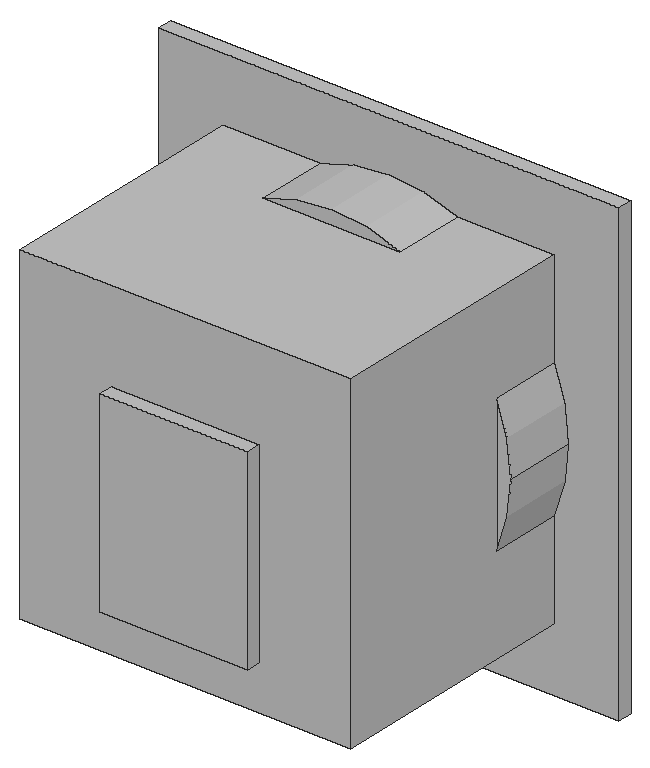
Revit family "ewf_ewg_ewh_ewj-20_105a_b_y_sa2_ta(40a)2(-50)_50Hz", category 機械設備, Revit 2019
Family settings
  丸型コネクタ寸法 = 直径を使用
  パーツ タイプ = 標準
  OmniClass 番号 = 23.75.35.21.17
  OmniClass タイトル = Industrial Ventilating Equipment
  作業面ベース = いいえ
  常に垂直 = はい
  ロード時にボイドで切り取り = はい
  共有 = いいえ
  部屋計算ポイント = はい
Parameters (values of type "EWF-20YSA2")
  騒音レベル(dB(A)) [instance] = 27
  風量 [instance] = 設計風量  # 0.0 m³/h
  電源種別 [instance] = ""
  電圧 = 100 V
  電動機出力 = 15 W
  電動機_種別 [instance] = ""
  銘板表示 = not(モーター表示)  # yes
  銘板_Width = 102.6 mm
  銘板_Height = 136 mm
  銘板_H = 52 mm
  運転質量 = 0.00 kg
  連動 [instance] = ""
  質量 = if(製品質量 > 運転質量, 製品質量, 運転質量) * 1.2  # 3.84 kg
  負荷分類 = 3_ファン類
  説明 = "産業用有圧換気扇 低騒音形 排気専用"
  設計風量 [instance] = 0.0 m³/h
  設置方法 = "壁付"
  記号 [instance] = ""
  製造元 = "三菱電機株式会社"
  製品質量 = 3.20 kg
  製品出荷対象 = "国内"
  製品リリース年月 = "2022年6月1日"
  製品グループ = ""
  羽根径 = "∅200"
  レグ_Depth = 187 mm
  系統 [instance] = ""
  符号 [instance] = if(☑給気／□排気, "FS", "FE")  # "FE"
  積算_科目 = ""
  積算_拾い区分 [instance] = ""
  相 = 1
  盤記号 [instance] = ""
  盤工事区分 = ""
  発停方法 [instance] = ""
  特殊仕様 [instance] = ""
  火災停止 [instance] = ""
  消費電力 = 27 W
  法定耐用年数 = "15"
  極数 = 2
  極 = 4
  材質 [instance] = ""
  操作・制御方式 = ""
  操作・制御スイッチ = ""
  排気量 [instance] = if(☑給気／□排気, 0.0 m³/h, 設計風量)  # 0.0 m³/h
  形式 = ""
  幹線記号 [instance] = ""
  対象室 [instance] = ""
  実風量 [instance] = 0.0 m³/h
  始動方式 [instance] = "直入"
  外気量 [instance] = if(☑給気／□排気, 設計風量, 0.0 m³/h)  # 0.0 m³/h
  呼称 = "有圧扇"
  周波数 = 50 Hz
  参照している仕様書等のバージョン = ""
  分類コード = "50052503100110"
  分類グループ = ""
  価格 = 41300
  企業コード = "108420"
  付属品_防振装置 = ""
  付属品 [instance] = ""
  仕様書バージョン = "Version1.0"
  レグ_Width = 230 mm
  レグ_Height = 230 mm
  モーター径 = 5 mm
  モーター表示 = no
  モデル = "EWF-20YSA2"
  フレームの厚さ = 10 mm
  ファンの種類 = "軸流羽根"
  コメント [instance] = ""
  Keynote = ""
  オリフィス_Depth = 60 mm
  ☑給気／□排気 [instance] = no
  Width = 320 mm
  Version = ""
  Uniclass2015Version = "Systems v1.9"
  Uniclass2015Title = "Propeller fans"
  Uniclass2015Code = "Pr_65_67_29_67"
  URL = "https://www.mitsubishielectric.co.jp/ldg/wink/ssl/displayProduct.do?pid=318606"
  SpecificationReference = ""
  SpecificationDescription = ""
  Revision = ""
  ProductInformation = ""
  OmniClassCode = "23-33 31 19 11 17"
  MIN風量 = 0.0 m³/h
  MID風量 = 0.0 m³/h
  MAX風量 = 660.0 m³/h
  IfcTypeProduct = ""
  IfcProduct = ""
  IfcExportType = "TUBEAXIAL"
  IfcExportAs = "IfcFanType"
  Height = 320 mm
  オリフィス径 = 249 mm
  Depth = 197 mm
  Author = "三菱電機株式会社"
Types (71, lengths in mm): name | 騒音レベル(dB(A)) | 電圧 | 電動機出力 | 銘板表示 | 銘板_Width | 銘板_Height | 銘板_H | 質量 | 製品質量 | 羽根径 | レグ_Depth | 相 | 消費電力 | 極数 | 極 | 価格 | レグ_Width | レグ_Height | モーター径 | モーター表示 | モデル | フレームの厚さ | オリフィス_Depth | Width | URL | MAX風量 | Height | オリフィス径 | Depth
  EWF-20YSA2 | 27 | 100 V | 15 W | yes | 102.6 | 136 | 52 | 3.84 kg | 3.20 kg | "∅200" | 187 | 1 | 27 W | 2 | 4 | 41300 | 230 | 230 | 5 | no | "EWF-20YSA2" | 10 | 60 | 320 | "https://www.mitsubishielectric.co.jp/ldg/wink/ssl/displayProduct.do?pid=318606" | 660.0 m³/h | 320 | 249 | 197
  EWF-25ASA2 | 31.5 | 100 V | 25 W | yes | 120 | 153 | 60 | 4.68 kg | 3.90 kg | "∅250" | 184.8 | 1 | 42 W | 2 | 4 | 44000 | 280 | 280 | 5 | no | "EWF-25ASA2" | 10 | 65 | 370 | "https://www.mitsubishielectric.co.jp/ldg/wink/ssl/displayProduct.do?pid=318608" | 1140.0 m³/h | 370 | 310 | 201
  EWF-30BSA2 | 36 | 100 V | 50 W | yes | 120 | 153 | 60 | 6.84 kg | 5.70 kg | "∅300" | 180.5 | 1 | 56 W | 2 | 4 | 56400 | 330 | 330 | 5 | no | "EWF-30BSA2" | 10 | 69 | 420 | "https://www.mitsubishielectric.co.jp/ldg/wink/ssl/displayProduct.do?pid=318800" | 1680.0 m³/h | 420 | 359 | 197
  EWF-35CSA2 | 39 | 100 V | 100 W | yes | 120 | 153 | 60 | 7.92 kg | 6.60 kg | "∅350" | 189.8 | 1 | 91 W | 2 | 4 | 75000 | 385 | 385 | 5 | no | "EWF-35CSA2" | 10 | 93 | 470 | "https://www.mitsubishielectric.co.jp/ldg/wink/ssl/displayProduct.do?pid=318806" | 2400.0 m³/h | 470 | 419 | 208
  EWF-35DSA2 | 42 | 100 V | 150 W | yes | 148 | 181 | 73 | 11.28 kg | 9.40 kg | "∅350" | 226.9 | 1 | 130 W | 2 | 4 | 82500 | 385 | 385 | 5 | no | "EWF-35DSA2" | 10 | 93 | 470 | "https://www.mitsubishielectric.co.jp/ldg/wink/ssl/displayProduct.do?pid=318758" | 3000.0 m³/h | 470 | 419 | 259
  EWF-40DSA2 | 42 | 100 V | 200 W | yes | 148 | 181 | 73 | 14.52 kg | 12.10 kg | "∅400" | 237.4 | 1 | 135 W | 2 | 4 | 97000 | 413 | 413 | 5 | no | "EWF-40DSA2" | 10 | 99 | 520 | "https://www.mitsubishielectric.co.jp/ldg/wink/ssl/displayProduct.do?pid=318764" | 3720.0 m³/h | 520 | 480 | 266
  EWG-40BSA2 | 33 | 100 V | 50 W | yes | 120 | 153 | 60 | 10.08 kg | 8.40 kg | "∅400" | 207 | 1 | 60.5 W | 2 | 6 | 81100 | 413 | 413 | 5 | no | "EWG-40BSA2" | 10 | 99 | 520 | "https://www.mitsubishielectric.co.jp/ldg/wink/ssl/displayProduct.do?pid=319071" | 2340.0 m³/h | 520 | 480 | 223
  EWG-40CSA2 | 36 | 100 V | 100 W | yes | 148 | 181 | 73 | 14.64 kg | 12.20 kg | "∅400" | 256.4 | 1 | 97 W | 2 | 6 | 94900 | 413 | 413 | 5 | no | "EWG-40CSA2" | 10 | 99 | 520 | "https://www.mitsubishielectric.co.jp/ldg/wink/ssl/displayProduct.do?pid=319075" | 3180.0 m³/h | 520 | 480 | 285
  EWF-45ESA2 | 46.5 | 100 V | 400 W | yes | 178 | 211 | 88 | 22.80 kg | 19.00 kg | "∅450" | 274 | 1 | 275 W | 2 | 4 | 122000 | 522 | 522 | 5 | no | "EWF-45ESA2" | 10 | 111 | 620 | "https://www.mitsubishielectric.co.jp/ldg/wink/ssl/displayProduct.do?pid=319058" | 5560.0 m³/h | 620 | 540 | 307
  EWG-45DSA2 | 41 | 100 V | 200 W | yes | 178 | 211 | 88 | 20.76 kg | 17.30 kg | "∅450" | 274 | 1 | 170 W | 2 | 6 | 111000 | 522 | 522 | 5 | no | "EWG-45DSA2" | 10 | 111 | 620 | "https://www.mitsubishielectric.co.jp/ldg/wink/ssl/displayProduct.do?pid=319080" | 4200.0 m³/h | 620 | 540 | 307
  EWF-25ATA2_200V | 31.5 | 200 V | 25 W | yes | 120 | 153 | 60 | 5.64 kg | 4.70 kg | "∅250" | 184.8 | 3 | 31 W | 3 | 4 | 44000 | 280 | 280 | 5 | no | "EWF-25ATA2" | 10 | 65 | 370 | "https://www.mitsubishielectric.co.jp/ldg/wink/ssl/displayProduct.do?pid=318610" | 1140.0 m³/h | 370 | 310 | 201
  EWF-30BTA2_200V | 36 | 200 V | 50 W | yes | 120 | 153 | 60 | 6.84 kg | 5.70 kg | "∅300" | 180.5 | 3 | 52 W | 3 | 4 | 56400 | 330 | 330 | 5 | no | "EWF-30BTA2" | 10 | 69 | 420 | "https://www.mitsubishielectric.co.jp/ldg/wink/ssl/displayProduct.do?pid=318802" | 1680.0 m³/h | 420 | 359 | 197
  EWF-35CTA2_200V | 39 | 200 V | 100 W | yes | 120 | 153 | 60 | 7.92 kg | 6.60 kg | "∅350" | 189.8 | 3 | 81 W | 3 | 4 | 75000 | 385 | 385 | 5 | no | "EWF-35CTA2" | 10 | 93 | 470 | "https://www.mitsubishielectric.co.jp/ldg/wink/ssl/displayProduct.do?pid=318754" | 2400.0 m³/h | 470 | 419 | 208
  EWF-35DTA2_200V | 42 | 200 V | 150 W | yes | 148 | 181 | 73 | 11.28 kg | 9.40 kg | "∅350" | 226.9 | 3 | 121 W | 3 | 4 | 82500 | 385 | 385 | 5 | no | "EWF-35DTA2" | 10 | 93 | 470 | "https://www.mitsubishielectric.co.jp/ldg/wink/ssl/displayProduct.do?pid=318760" | 3000.0 m³/h | 470 | 419 | 259
  EWF-40DTA2_200V | 42 | 200 V | 200 W | yes | 148 | 181 | 73 | 14.76 kg | 12.30 kg | "∅400" | 237.4 | 3 | 135 W | 3 | 4 | 97000 | 413 | 413 | 5 | no | "EWF-40DTA2" | 10 | 99 | 520 | "https://www.mitsubishielectric.co.jp/ldg/wink/ssl/displayProduct.do?pid=319047" | 3720.0 m³/h | 520 | 480 | 266
  EWF-40ETA2_200V | 46 | 200 V | 400 W | no | 5 | 5 | 5 | 16.20 kg | 13.50 kg | "∅400" | 262.4 | 3 | 225 W | 3 | 4 | 106000 | 413 | 413 | 131 | yes | "EWF-40ETA2" | 10 | 99 | 520 | "https://www.mitsubishielectric.co.jp/ldg/wink/ssl/displayProduct.do?pid=319051" | 4800.0 m³/h | 520 | 480 | 291
  EWG-40BTA2_200V | 33.5 | 200 V | 50 W | yes | 120 | 153 | 60 | 9.72 kg | 8.10 kg | "∅400" | 207 | 3 | 62 W | 3 | 6 | 81100 | 413 | 413 | 5 | no | "EWG-40BTA2" | 10 | 99 | 520 | "https://www.mitsubishielectric.co.jp/ldg/wink/ssl/displayProduct.do?pid=319073" | 2340.0 m³/h | 520 | 480 | 223
  EWG-40CTA2_200V | 36 | 200 V | 100 W | no | 5 | 5 | 5 | 14.40 kg | 12.00 kg | "∅400" | 251.3 | 3 | 103 W | 3 | 6 | 94900 | 413 | 413 | 131 | yes | "EWG-40CTA2" | 10 | 99 | 520 | "https://www.mitsubishielectric.co.jp/ldg/wink/ssl/displayProduct.do?pid=319077" | 3180.0 m³/h | 520 | 480 | 280
  EWF-45ETA2_200V | 47 | 200 V | 400 W | no | 5 | 5 | 5 | 20.76 kg | 17.30 kg | "∅450" | 286.4 | 3 | 260 W | 3 | 4 | 122000 | 522 | 522 | 131 | yes | "EWF-45ETA2" | 10 | 111 | 620 | "https://www.mitsubishielectric.co.jp/ldg/wink/ssl/displayProduct.do?pid=319060" | 5700.0 m³/h | 620 | 540 | 315
  EWG-45DTA2_200V | 41 | 200 V | 200 W | no | 5 | 5 | 5 | 18.24 kg | 15.20 kg | "∅450" | 280.4 | 3 | 145 W | 3 | 6 | 111000 | 514 | 514 | 131 | yes | "EWG-45DTA2" | 10 | 111 | 620 | "https://www.mitsubishielectric.co.jp/ldg/wink/ssl/displayProduct.do?pid=319082" | 4360.0 m³/h | 620 | 540 | 309
  EWF-25ATA2_220V | 32 | 220 V | 25 W | yes | 120 | 153 | 60 | 5.64 kg | 4.70 kg | "∅250" | 184.8 | 3 | 35 W | 3 | 4 | 44000 | 280 | 280 | 5 | no | "EWF-25ATA2" | 10 | 65 | 370 | "https://www.mitsubishielectric.co.jp/ldg/wink/ssl/displayProduct.do?pid=318610" | 1140.0 m³/h | 370 | 310 | 201
  EWF-30BTA2_220V | 36 | 220 V | 50 W | yes | 120 | 153 | 60 | 6.84 kg | 5.70 kg | "∅300" | 180.5 | 3 | 60 W | 3 | 4 | 56400 | 330 | 330 | 5 | no | "EWF-30BTA2" | 10 | 69 | 420 | "https://www.mitsubishielectric.co.jp/ldg/wink/ssl/displayProduct.do?pid=318802" | 1680.0 m³/h | 420 | 359 | 197
  EWF-35CTA2_220V | 39 | 220 V | 100 W | yes | 120 | 153 | 60 | 7.92 kg | 6.60 kg | "∅350" | 189.8 | 3 | 100 W | 3 | 4 | 75000 | 385 | 385 | 5 | no | "EWF-35CTA2" | 10 | 93 | 470 | "https://www.mitsubishielectric.co.jp/ldg/wink/ssl/displayProduct.do?pid=318754" | 2400.0 m³/h | 470 | 419 | 208
  EWF-35DTA2_220V | 42 | 220 V | 150 W | yes | 148 | 181 | 73 | 11.28 kg | 9.40 kg | "∅350" | 226.9 | 3 | 133 W | 3 | 4 | 82500 | 385 | 385 | 5 | no | "EWF-35DTA2" | 10 | 93 | 470 | "https://www.mitsubishielectric.co.jp/ldg/wink/ssl/displayProduct.do?pid=318760" | 3000.0 m³/h | 470 | 419 | 259
  EWF-40DTA2_220V | 42 | 220 V | 200 W | yes | 148 | 181 | 73 | 14.76 kg | 12.30 kg | "∅400" | 237.4 | 3 | 150 W | 3 | 4 | 97000 | 413 | 413 | 5 | no | "EWF-40DTA2" | 10 | 99 | 520 | "https://www.mitsubishielectric.co.jp/ldg/wink/ssl/displayProduct.do?pid=319047" | 3720.0 m³/h | 520 | 480 | 266
  EWF-40ETA2_220V | 46 | 220 V | 400 W | no | 5 | 5 | 5 | 16.20 kg | 13.50 kg | "∅400" | 262.4 | 3 | 245 W | 3 | 4 | 106000 | 413 | 413 | 131 | yes | "EWF-40ETA2" | 10 | 99 | 520 | "https://www.mitsubishielectric.co.jp/ldg/wink/ssl/displayProduct.do?pid=319051" | 4800.0 m³/h | 520 | 480 | 291
  EWG-40BTA2_220V | 33.5 | 220 V | 50 W | yes | 120 | 153 | 60 | 9.72 kg | 8.10 kg | "∅400" | 207 | 3 | 75 W | 3 | 6 | 81100 | 413 | 413 | 5 | no | "EWG-40BTA2" | 10 | 99 | 520 | "https://www.mitsubishielectric.co.jp/ldg/wink/ssl/displayProduct.do?pid=319073" | 2340.0 m³/h | 520 | 480 | 223
  EWG-40CTA2_220V | 36.5 | 220 V | 100 W | no | 5 | 5 | 5 | 14.40 kg | 12.00 kg | "∅400" | 251.3 | 3 | 114 W | 3 | 6 | 94900 | 413 | 413 | 131 | yes | "EWG-40CTA2" | 10 | 99 | 520 | "https://www.mitsubishielectric.co.jp/ldg/wink/ssl/displayProduct.do?pid=319077" | 3180.0 m³/h | 520 | 480 | 280
  EWF-45ETA2_220V | 47 | 220 V | 400 W | no | 5 | 5 | 5 | 20.76 kg | 17.30 kg | "∅450" | 286.4 | 3 | 275 W | 3 | 4 | 122000 | 522 | 522 | 131 | yes | "EWF-45ETA2" | 10 | 111 | 620 | "https://www.mitsubishielectric.co.jp/ldg/wink/ssl/displayProduct.do?pid=319060" | 5700.0 m³/h | 620 | 540 | 315
  EWG-45DTA2_220V | 41 | 220 V | 200 W | no | 5 | 5 | 5 | 18.24 kg | 15.20 kg | "∅450" | 280.4 | 3 | 165 W | 3 | 6 | 111000 | 514 | 514 | 131 | yes | "EWG-45DTA2" | 10 | 111 | 620 | "https://www.mitsubishielectric.co.jp/ldg/wink/ssl/displayProduct.do?pid=319082" | 4360.0 m³/h | 620 | 540 | 309
  EWF-50FTA2_200V | 49.5 | 200 V | 750 W | no | 5 | 5 | 5 | 23.28 kg | 19.40 kg | "∅500" | 266.4 | 3 | 340 W | 3 | 4 | 134000 | 522 | 522 | 131 | yes | "EWF-50FTA2" | 10 | 84 | 620 | "https://www.mitsubishielectric.co.jp/ldg/wink/ssl/displayProduct.do?pid=319062" | 6900.0 m³/h | 620 | 590 | 295
  EWG-50DTA2_200V | 40.5 | 200 V | 200 W | no | 5 | 5 | 5 | 19.80 kg | 16.50 kg | "∅500" | 266.4 | 3 | 140 W | 3 | 6 | 108000 | 514 | 514 | 131 | yes | "EWG-50DTA2" | 10 | 84 | 620 | "https://www.mitsubishielectric.co.jp/ldg/wink/ssl/displayProduct.do?pid=319084" | 4800.0 m³/h | 620 | 590 | 295
  EWG-50ETA2_200V | 43 | 200 V | 400 W | no | 5 | 5 | 5 | 21.84 kg | 18.20 kg | "∅500" | 286.4 | 3 | 260 W | 3 | 6 | 125000 | 514 | 514 | 131 | yes | "EWG-50ETA2" | 10 | 84 | 620 | "https://www.mitsubishielectric.co.jp/ldg/wink/ssl/displayProduct.do?pid=318815" | 6060.0 m³/h | 620 | 590 | 315
  EWF-60HTA2_200V | 58 | 200 V | 2200 W | no | 5 | 5 | 5 | 34.80 kg | 29.00 kg | "∅600" | 228 | 3 | 725 W | 3 | 4 | 234000 | 605 | 605 | 202 | yes | "EWF-60HTA2" | 10 | 120 | 710 | "https://www.mitsubishielectric.co.jp/ldg/wink/ssl/displayProduct.do?pid=319069" | 12500.0 m³/h | 710 | 703 | 313
  EWG-60ETA2_200V | 45.5 | 200 V | 400 W | no | 5 | 5 | 5 | 23.88 kg | 19.90 kg | "∅600" | 262.4 | 3 | 235 W | 3 | 6 | 139000 | 604 | 604 | 131 | yes | "EWG-60ETA2" | 10 | 119 | 710 | "https://www.mitsubishielectric.co.jp/ldg/wink/ssl/displayProduct.do?pid=318818" | 7860.0 m³/h | 710 | 703 | 291
  EWG-60FTA2_200V | 46.5 | 200 V | 750 W | no | 5 | 5 | 5 | 30.00 kg | 25.00 kg | "∅600" | 308.6 | 3 | 385 W | 3 | 6 | 165000 | 612 | 612 | 163 | yes | "EWG-60FTA2" | 10 | 119 | 710 | "https://www.mitsubishielectric.co.jp/ldg/wink/ssl/displayProduct.do?pid=318821" | 9420.0 m³/h | 710 | 703 | 347
  EWF-50FTA2_220V | 49.5 | 220 V | 750 W | no | 5 | 5 | 5 | 23.28 kg | 19.40 kg | "∅500" | 266.4 | 3 | 365 W | 3 | 4 | 134000 | 522 | 522 | 131 | yes | "EWF-50FTA2" | 10 | 84 | 620 | "https://www.mitsubishielectric.co.jp/ldg/wink/ssl/displayProduct.do?pid=319062" | 6900.0 m³/h | 620 | 590 | 295
  EWG-50DTA2_220V | 41 | 220 V | 200 W | no | 5 | 5 | 5 | 19.80 kg | 16.50 kg | "∅500" | 266.4 | 3 | 155 W | 3 | 6 | 108000 | 514 | 514 | 131 | yes | "EWG-50DTA2" | 10 | 84 | 620 | "https://www.mitsubishielectric.co.jp/ldg/wink/ssl/displayProduct.do?pid=319084" | 4800.0 m³/h | 620 | 590 | 295
  EWG-50ETA2_220V | 43.5 | 220 V | 400 W | no | 5 | 5 | 5 | 21.84 kg | 18.20 kg | "∅500" | 286.4 | 3 | 290 W | 3 | 6 | 125000 | 514 | 514 | 131 | yes | "EWG-50ETA2" | 10 | 84 | 620 | "https://www.mitsubishielectric.co.jp/ldg/wink/ssl/displayProduct.do?pid=318815" | 6060.0 m³/h | 620 | 590 | 315
  EWF-60HTA2_220V | 58.5 | 220 V | 2200 W | no | 5 | 5 | 5 | 34.80 kg | 29.00 kg | "∅600" | 228 | 3 | 770 W | 3 | 4 | 234000 | 605 | 605 | 202 | yes | "EWF-60HTA2" | 10 | 120 | 710 | "https://www.mitsubishielectric.co.jp/ldg/wink/ssl/displayProduct.do?pid=319069" | 12500.0 m³/h | 710 | 703 | 313
  EWG-60ETA2_220V | 45.5 | 220 V | 400 W | no | 5 | 5 | 5 | 23.88 kg | 19.90 kg | "∅600" | 262.4 | 3 | 250 W | 3 | 6 | 139000 | 604 | 604 | 131 | yes | "EWG-60ETA2" | 10 | 119 | 710 | "https://www.mitsubishielectric.co.jp/ldg/wink/ssl/displayProduct.do?pid=318818" | 7860.0 m³/h | 710 | 703 | 291
  EWG-60FTA2_220V | 46.5 | 220 V | 750 W | no | 5 | 5 | 5 | 30.00 kg | 25.00 kg | "∅600" | 308.6 | 3 | 406 W | 3 | 6 | 165000 | 612 | 612 | 163 | yes | "EWG-60FTA2" | 10 | 119 | 710 | "https://www.mitsubishielectric.co.jp/ldg/wink/ssl/displayProduct.do?pid=318821" | 9420.0 m³/h | 710 | 703 | 347
  EWG-70JTA2-50 | 61 | 200 V | 3700 W | no | 5 | 5 | 5 | 66.00 kg | 55.00 kg | "∅700" | 325 | 3 | 1220 W | 3 | 6 | 383000 | 714 | 714 | 289 | yes | "EWG-70JTA2-50" | 35 | 90 | 860 | "https://www.mitsubishielectric.co.jp/ldg/wink/ssl/displayProduct.do?pid=318974" | 19500.0 m³/h | 860 | 846 | 406
  EWG-80LTA2-50 | 64 | 200 V | 7500 W | no | 5 | 5 | 5 | 87.60 kg | 73.00 kg | "∅800" | 353 | 3 | 2040 W | 3 | 6 | 530000 | 782 | 782 | 289 | yes | "EWG-80LTA2-50" | 35 | 96 | 950 | "https://www.mitsubishielectric.co.jp/ldg/wink/ssl/displayProduct.do?pid=318980" | 27000.0 m³/h | 950 | 938 | 450
  EWH-80JTA2-50 | 58 | 200 V | 3700 W | no | 5 | 5 | 5 | 87.60 kg | 73.00 kg | "∅800" | 353 | 3 | 940 W | 3 | 8 | 504000 | 782 | 782 | 231 | yes | "EWH-80JTA2-50" | 35 | 96 | 950 | "https://www.mitsubishielectric.co.jp/ldg/wink/ssl/displayProduct.do?pid=318990" | 20000.0 m³/h | 950 | 938 | 450
  EWH-105MTA2-50 | 65 | 200 V | 11000 W | no | 5 | 5 | 5 | 163.20 kg | 136.00 kg | "∅1050" | 436 | 3 | 2740 W | 3 | 8 | 985000 | 1106 | 1106 | 305 | yes | "EWH-105MTA2-50" | 50 | 200 | 1280 | "https://www.mitsubishielectric.co.jp/ldg/wink/ssl/displayProduct.do?pid=318986" | 43000.0 m³/h | 1280 | 1260 | 545
  EWJ-105JTA2-50 | 58.5 | 200 V | 3700 W | no | 5 | 5 | 5 | 156.00 kg | 130.00 kg | "∅1050" | 424 | 3 | 1630 W | 3 | 10 | 838000 | 1098 | 1098 | 262 | yes | "EWJ-105JTA2-50" | 50 | 200 | 1280 | "https://www.mitsubishielectric.co.jp/ldg/wink/ssl/displayProduct.do?pid=318994" | 34500.0 m³/h | 1280 | 1260 | 545
  EWF-25ATA40A2_380V | 31.5 | 380 V | 25 W | yes | 120 | 153 | 60 | 5.52 kg | 4.60 kg | "∅250" | 184.8 | 3 | 32 W | 3 | 4 | 48100 | 280 | 280 | 5 | no | "EWF-25ATA40A2" | 10 | 65 | 370 | "https://www.mitsubishielectric.co.jp/ldg/wink/ssl/displayProduct.do?pid=318798" | 1140.0 m³/h | 370 | 310 | 201
  EWF-30BTA40A2_380V | 36 | 380 V | 50 W | yes | 120 | 153 | 60 | 6.84 kg | 5.70 kg | "∅300" | 180.5 | 3 | 58 W | 3 | 4 | 62600 | 330 | 330 | 5 | no | "EWF-30BTA40A2" | 10 | 69 | 420 | "https://www.mitsubishielectric.co.jp/ldg/wink/ssl/displayProduct.do?pid=318804" | 1680.0 m³/h | 420 | 359 | 197
  EWF-35CTA40A2_380V | 41 | 380 V | 100 W | yes | 120 | 153 | 60 | 7.92 kg | 6.60 kg | "∅350" | 189.8 | 3 | 81 W | 3 | 4 | 82500 | 385 | 385 | 5 | no | "EWF-35CTA40A2" | 10 | 93 | 470 | "https://www.mitsubishielectric.co.jp/ldg/wink/ssl/displayProduct.do?pid=318756" | 2400.0 m³/h | 470 | 419 | 208
  EWF-35DTA40A2_380V | 42 | 380 V | 150 W | yes | 148 | 181 | 73 | 11.28 kg | 9.40 kg | "∅350" | 226.9 | 3 | 118 W | 3 | 4 | 90800 | 385 | 385 | 5 | no | "EWF-35DTA40A2" | 10 | 93 | 470 | "https://www.mitsubishielectric.co.jp/ldg/wink/ssl/displayProduct.do?pid=318762" | 3000.0 m³/h | 470 | 419 | 259
  EWF-40DTA40A2_380V | 43 | 380 V | 200 W | yes | 148 | 181 | 73 | 14.76 kg | 12.30 kg | "∅400" | 237.4 | 3 | 130 W | 3 | 4 | 105000 | 413 | 413 | 5 | no | "EWF-40DTA40A2" | 10 | 99 | 520 | "https://www.mitsubishielectric.co.jp/ldg/wink/ssl/displayProduct.do?pid=319049" | 3720.0 m³/h | 520 | 480 | 266
  EWF-40ETA40A2_380V | 46.5 | 380 V | 400 W | no | 5 | 5 | 5 | 16.20 kg | 13.50 kg | "∅400" | 262.4 | 3 | 220 W | 3 | 4 | 117000 | 413 | 413 | 131 | yes | "EWF-40ETA40A2" | 10 | 99 | 520 | "https://www.mitsubishielectric.co.jp/ldg/wink/ssl/displayProduct.do?pid=319056" | 4800.0 m³/h | 520 | 480 | 291
  EWF-50FTA40A2_380V | 49.5 | 380 V | 750 W | no | 5 | 5 | 5 | 23.28 kg | 19.40 kg | "∅500" | 266.4 | 3 | 320 W | 3 | 4 | 146000 | 522 | 522 | 131 | yes | "EWF-50FTA40A2" | 10 | 84 | 620 | "https://www.mitsubishielectric.co.jp/ldg/wink/ssl/displayProduct.do?pid=319067" | 6900.0 m³/h | 620 | 590 | 295
  EWG-60FTA40A2_380V | 47.5 | 380 V | 750 W | no | 5 | 5 | 5 | 30.00 kg | 25.00 kg | "∅600" | 308.6 | 3 | 375 W | 3 | 6 | 181000 | 612 | 612 | 163 | yes | "EWG-60FTA40A2" | 10 | 119 | 710 | "https://www.mitsubishielectric.co.jp/ldg/wink/ssl/displayProduct.do?pid=318826" | 9420.0 m³/h | 710 | 703 | 347
  EWF-25ATA40A2_400V | 31.5 | 400 V | 25 W | yes | 120 | 153 | 60 | 5.52 kg | 4.60 kg | "∅250" | 184.8 | 3 | 34 W | 3 | 4 | 48100 | 280 | 280 | 5 | no | "EWF-25ATA40A2" | 10 | 65 | 370 | "https://www.mitsubishielectric.co.jp/ldg/wink/ssl/displayProduct.do?pid=318798" | 1140.0 m³/h | 370 | 310 | 201
  EWF-30BTA40A2_400V | 36 | 400 V | 50 W | yes | 120 | 153 | 60 | 6.84 kg | 5.70 kg | "∅300" | 180.5 | 3 | 62 W | 3 | 4 | 62600 | 330 | 330 | 5 | no | "EWF-30BTA40A2" | 10 | 69 | 420 | "https://www.mitsubishielectric.co.jp/ldg/wink/ssl/displayProduct.do?pid=318804" | 1680.0 m³/h | 420 | 359 | 197
  EWF-35CTA40A2_400V | 41 | 400 V | 100 W | yes | 120 | 153 | 60 | 7.92 kg | 6.60 kg | "∅350" | 189.8 | 3 | 88 W | 3 | 4 | 82500 | 385 | 385 | 5 | no | "EWF-35CTA40A2" | 10 | 93 | 470 | "https://www.mitsubishielectric.co.jp/ldg/wink/ssl/displayProduct.do?pid=318756" | 2400.0 m³/h | 470 | 419 | 208
  EWF-35DTA40A2_400V | 42 | 400 V | 150 W | yes | 148 | 181 | 73 | 11.28 kg | 9.40 kg | "∅350" | 226.9 | 3 | 125 W | 3 | 4 | 90800 | 385 | 385 | 5 | no | "EWF-35DTA40A2" | 10 | 93 | 470 | "https://www.mitsubishielectric.co.jp/ldg/wink/ssl/displayProduct.do?pid=318762" | 3000.0 m³/h | 470 | 419 | 259
  EWF-40DTA40A2_400V | 43 | 400 V | 200 W | yes | 148 | 181 | 73 | 14.76 kg | 12.30 kg | "∅400" | 237.4 | 3 | 135 W | 3 | 4 | 105000 | 413 | 413 | 5 | no | "EWF-40DTA40A2" | 10 | 99 | 520 | "https://www.mitsubishielectric.co.jp/ldg/wink/ssl/displayProduct.do?pid=319049" | 3720.0 m³/h | 520 | 480 | 266
  EWF-40ETA40A2_400V | 46.5 | 400 V | 400 W | no | 5 | 5 | 5 | 16.20 kg | 13.50 kg | "∅400" | 262.4 | 3 | 225 W | 3 | 4 | 117000 | 413 | 413 | 131 | yes | "EWF-40ETA40A2" | 10 | 99 | 520 | "https://www.mitsubishielectric.co.jp/ldg/wink/ssl/displayProduct.do?pid=319056" | 4800.0 m³/h | 520 | 480 | 291
  EWF-50FTA40A2_400V | 49.5 | 400 V | 750 W | no | 5 | 5 | 5 | 23.28 kg | 19.40 kg | "∅500" | 266.4 | 3 | 320 W | 3 | 4 | 146000 | 522 | 522 | 131 | yes | "EWF-50FTA40A2" | 10 | 84 | 620 | "https://www.mitsubishielectric.co.jp/ldg/wink/ssl/displayProduct.do?pid=319067" | 6900.0 m³/h | 620 | 590 | 295
  EWG-60FTA40A2_400V | 47.5 | 400 V | 750 W | no | 5 | 5 | 5 | 30.00 kg | 25.00 kg | "∅600" | 308.6 | 3 | 380 W | 3 | 6 | 181000 | 612 | 612 | 163 | yes | "EWG-60FTA40A2" | 10 | 119 | 710 | "https://www.mitsubishielectric.co.jp/ldg/wink/ssl/displayProduct.do?pid=318826" | 9420.0 m³/h | 710 | 703 | 347
  EWF-25ATA40A2_415V | 32 | 415 V | 25 W | yes | 120 | 153 | 60 | 5.52 kg | 4.60 kg | "∅250" | 184.8 | 3 | 36 W | 3 | 4 | 48100 | 280 | 280 | 5 | no | "EWF-25ATA40A2" | 10 | 65 | 370 | "https://www.mitsubishielectric.co.jp/ldg/wink/ssl/displayProduct.do?pid=318798" | 1140.0 m³/h | 370 | 310 | 201
  EWF-30BTA40A2_415V | 36.5 | 415 V | 50 W | yes | 120 | 153 | 60 | 6.84 kg | 5.70 kg | "∅300" | 180.5 | 3 | 67 W | 3 | 4 | 62600 | 330 | 330 | 5 | no | "EWF-30BTA40A2" | 10 | 69 | 420 | "https://www.mitsubishielectric.co.jp/ldg/wink/ssl/displayProduct.do?pid=318804" | 1680.0 m³/h | 420 | 359 | 197
  EWF-35CTA40A2_415V | 41 | 415 V | 100 W | yes | 120 | 153 | 60 | 7.92 kg | 6.60 kg | "∅350" | 189.8 | 3 | 94 W | 3 | 4 | 82500 | 385 | 385 | 5 | no | "EWF-35CTA40A2" | 10 | 93 | 470 | "https://www.mitsubishielectric.co.jp/ldg/wink/ssl/displayProduct.do?pid=318756" | 2400.0 m³/h | 470 | 419 | 208
  EWF-35DTA40A2_415V | 42 | 415 V | 150 W | yes | 148 | 181 | 73 | 11.28 kg | 9.40 kg | "∅350" | 226.9 | 3 | 130 W | 3 | 4 | 90800 | 385 | 385 | 5 | no | "EWF-35DTA40A2" | 10 | 93 | 470 | "https://www.mitsubishielectric.co.jp/ldg/wink/ssl/displayProduct.do?pid=318762" | 3000.0 m³/h | 470 | 419 | 259
  EWF-40DTA40A2_415V | 43.5 | 415 V | 200 W | yes | 148 | 181 | 73 | 14.76 kg | 12.30 kg | "∅400" | 237.4 | 3 | 140 W | 3 | 4 | 105000 | 413 | 413 | 5 | no | "EWF-40DTA40A2" | 10 | 99 | 520 | "https://www.mitsubishielectric.co.jp/ldg/wink/ssl/displayProduct.do?pid=319049" | 3720.0 m³/h | 520 | 480 | 266
  EWF-40ETA40A2_415V | 47 | 415 V | 400 W | no | 5 | 5 | 5 | 16.20 kg | 13.50 kg | "∅400" | 262.4 | 3 | 230 W | 3 | 4 | 117000 | 413 | 413 | 131 | yes | "EWF-40ETA40A2" | 10 | 99 | 520 | "https://www.mitsubishielectric.co.jp/ldg/wink/ssl/displayProduct.do?pid=319056" | 4800.0 m³/h | 520 | 480 | 291
  EWF-50FTA40A2_415V | 49.5 | 415 V | 750 W | no | 5 | 5 | 5 | 23.28 kg | 19.40 kg | "∅500" | 266.4 | 3 | 325 W | 3 | 4 | 146000 | 522 | 522 | 131 | yes | "EWF-50FTA40A2" | 10 | 84 | 620 | "https://www.mitsubishielectric.co.jp/ldg/wink/ssl/displayProduct.do?pid=319067" | 6900.0 m³/h | 620 | 590 | 295
  EWG-60FTA40A2_415V | 47.5 | 415 V | 750 W | no | 5 | 5 | 5 | 30.00 kg | 25.00 kg | "∅600" | 308.6 | 3 | 390 W | 3 | 6 | 181000 | 612 | 612 | 163 | yes | "EWG-60FTA40A2" | 10 | 119 | 710 | "https://www.mitsubishielectric.co.jp/ldg/wink/ssl/displayProduct.do?pid=318826" | 9420.0 m³/h | 710 | 703 | 347
Reference planes
  plane 1 "中心(正面/背面)": y = 0
  plane 2: z = 0
  plane 3 "中心(左/右)": x = 0
  plane 4: z = 0
  plane 5: through (212.832, -1524, 243.759) normal (-0.6508, 0, -0.7593)
  plane 6: through (-212.884, -1524, -243.751) normal (0.6508, 0, 0.7593)
  plane 7: through (208.307, -1524, -247.63) normal (-0.6508, 0, 0.7593)
  plane 8: z = 160
  plane 9: z = -160
  plane 10 "左": x = -160
  plane 11 "右": x = 160
  plane 12 "正面": y = -197
  plane 13: y = -10
  plane 14: through (-208.307, -1524, -247.63) normal (-0.6508, 0, -0.7593)
  plane 15: y = 53
  plane 16: y = 153
  plane 17: x = -250
  plane 18: x = 250
  plane 19: y = -60
  plane 20: y = -187
  plane 21: x = 51.3
  plane 22: x = -51.3
  plane 23: z = 52
  plane 24: z = -84
  plane 25: x = -115
  plane 26: x = 115
  plane 27: z = 115
  plane 28: z = -115
Forms (mm)
  Extrusion 1, solid, detail levels fine
    sketch origin (0, 0, 0) x (1, 0, 0) y (0, 1, 0)
      loop
        line (-160, 0) -> (-160, -10) -> (160, -10) -> (160, 0) -> (-160, 0)
    from -160 to 160
  Extrusion 2, solid, visible <- "モーター表示", detail levels fine
    sketch origin (140, -23.659, 0) x (-1, 0, 0) y (0, 0, -1)
      loop
        circle (140, 0) r 2.5
    from 163.341 to 173.341
  Extrusion 3, solid
    sketch origin (0, -153.783, 0) x (1, 0, 0) y (0, 0, 1)
      loop
        circle (0, 0) r 124.5
    from -143.783 to -93.783
  Extrusion 4, solid, visible <- "銘板表示", detail levels fine
    sketch origin (0, 0, 0) x (1, 0, 0) y (0, 0, 1)
      loop
        line (-51.3, 52) -> (-51.3, -84) -> (51.3, -84) -> (51.3, 52) -> (-51.3, 52)
    from 187 to 197
  Extrusion 5, solid
    sketch origin (0, 0, 0) x (1, 0, 0) y (0, 0, 1)
      loop
        line (-115, 115) -> (-115, -115) -> (115, -115) -> (115, 115) -> (-115, 115)
    from 10 to 187
Cuts and joins
  joined: Extrusion 3, Extrusion 5
Lines and regions (mm)
  Masking region 1, detail levels coarse+medium
    outline origin (0, 0, 0) x (1, 0, 0) y (0, 1, 0)
      loop
        line (-250, -197) -> (250, -197) -> (250, 53) -> (-250, 53) -> (-250, -197)
  Masking region 2, detail levels coarse+medium
    outline origin (0, 0, 0) x (1, 0, 0) y (0, 1, 0)
      loop
        line (-124, 53) -> (124, 53) -> (124, 153) -> (-124, 153) -> (-124, 53)
  symbolic lines, detail levels coarse+medium
    curve 1: circle (124, -203, 0) r 115 normal (0, 0, 1)
    curve 2: circle (-124, -203, 0) r 115 normal (0, 0, -1)
Dimensions and locks
  level to plane 4 = 0 mm
  equal spacing: plane 8, level, plane 9
  "Depth": plane 12 "正面" to plane 1 "中心(正面/背面)"  (x2)
  "Width": plane 10 "左" to plane 11 "右"
  "Height": plane 8 to plane 9
  "フレームの厚さ": plane 13 to plane 1 "中心(正面/背面)"
  plane 12 "正面" to plane 15 to plane 16 = 250 mm locked, 100 mm locked
  locked: plane 17 to plane 18 at 500
  "オリフィス_Depth": plane 1 "中心(正面/背面)" to plane 19
  "レグ_Depth": plane 1 "中心(正面/背面)" to plane 20
  equal spacing: plane 10 "左", plane 3 "中心(左/右)", plane 11 "右"
  equal spacing: plane 21, plane 3 "中心(左/右)", plane 22
  "銘板_Width": plane 21 to plane 22
  "銘板_H": plane 23 to level
  "銘板_Height": plane 23 to plane 24
  equal spacing: plane 26, plane 3 "中心(左/右)", plane 25
  "レグ_Width": plane 26 to plane 25
  equal spacing: plane 27, level, plane 28
  "レグ_Height": plane 27 to plane 28
  "オリフィス径": diameter of Extrusion 3 sketch curve
  "モーター径": diameter of Extrusion 2 sketch curve
  aligned and locked: level to plane 2
  aligned and locked: Extrusion 1 to plane 8
  aligned and locked: plane 10 "左" to Extrusion 1
  aligned and locked: Extrusion 1 to plane 11 "右"
  aligned and locked: plane 9 to Extrusion 1
  aligned and locked: Extrusion 1 to plane 13
  aligned and locked: Extrusion 1 to plane 1 "中心(正面/背面)"  (x5)
  aligned and locked: plane 12 "正面" to Extrusion 2
  aligned and locked: plane 1 "中心(正面/背面)" to Extrusion 1  (x2)
  aligned and locked: plane 4 to Extrusion 2 sketch curve
  aligned and locked: plane 12 "正面" to Masking region 1 sketch curve
  aligned and locked: Masking region 1 sketch curve to plane 17
  aligned and locked: plane 15 to Masking region 1 sketch curve
  aligned and locked: plane 18 to Masking region 1 sketch curve
  aligned and locked: Masking region 2 sketch curve to plane 15
  aligned and locked: plane 16 to Masking region 2 sketch curve
  aligned and locked: Extrusion 3 to Extrusion 1
  aligned and locked: Extrusion 3 to plane 19
  aligned and locked: plane 20 to Extrusion 2
  aligned and locked: Extrusion 4 sketch curve to plane 23
  aligned and locked: plane 22 to Extrusion 4 sketch curve
  aligned and locked: plane 24 to Extrusion 4 sketch curve
  aligned and locked: Extrusion 4 sketch curve to plane 21
  aligned and locked: plane 12 "正面" to Extrusion 4
  aligned and locked: plane 20 to Extrusion 4
  aligned and locked: Extrusion 5 to Extrusion 2
  aligned and locked: Extrusion 5 to Extrusion 1
  aligned and locked: Extrusion 5 to plane 25
  aligned and locked: plane 27 to Extrusion 5
  aligned and locked: plane 26 to Extrusion 5
  aligned and locked: Extrusion 5 to plane 28
Automatic sketch dimensions
  Extrusion 1 sketch curve to plane 10 "左" = 0 mm
  Extrusion 1 sketch curve to plane 11 "右" = 0 mm
  Extrusion 1 sketch curve to plane 13 = 0 mm
  plane 1 "中心(正面/背面)" to Extrusion 1 sketch curve = 0 mm
  Extrusion 3 sketch curve to level = 0 mm
  Extrusion 3 sketch curve to plane 3 "中心(左/右)" = 0 mm
  curve 2 to plane 20 = 16 mm
  curve 1 to plane 20 = 16 mm
  curve 2 to plane 10 "左" = 36 mm
  Masking region 2 sketch curve to plane 10 "左" = 36 mm
  plane 11 "右" to curve 1 = 36 mm
  plane 11 "右" to Masking region 2 sketch curve = 36 mm
  Extrusion 2 sketch curve to plane 3 "中心(左/右)" = 0 mm
  Extrusion 5 sketch curve to plane 25 = 0 mm
  plane 26 to Extrusion 5 sketch curve = 0 mm
  Extrusion 5 sketch curve to plane 28 = 0 mm
  plane 27 to Extrusion 5 sketch curve = 0 mm
  radius of curve 1 = 115 mm
  radius of curve 2 = 115 mm
Connectors
  electrical at (160, -5, 0), driven by "電圧", driven by "負荷分類", driven by "消費電力", driven by "極数"
    settings: on Extrusion 1, index 2, voltage 100 V, apparent load 27 VA, apparent load phase1 0 VA, apparent load phase2 0 VA, apparent load phase3 0 VA, power factor 1, load classification "3_ファン類", number of poles 2, system type 30, power factor state 1, is connector primary yes, connector utility no, sub classification motor no, connector description ""
